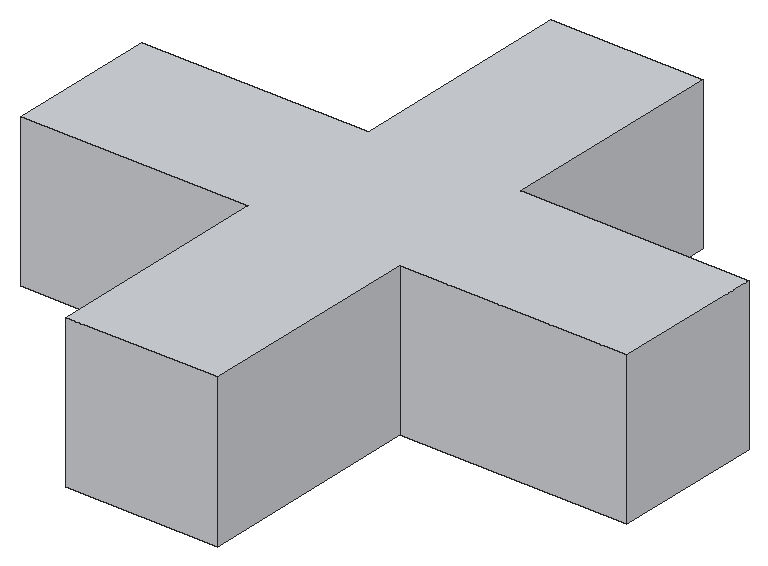
Revit family "墙顶位移", category 常规模型, Revit 2016
Family settings
  零件类型 = 标准
  可将钢筋附着到主体 = 否
  圆形连接件大小 = 使用直径
  基于工作平面 = 否
  总是垂直 = 是
  加载时剪切的空心 = 否
  共享 = 否
  房间计算点 = 否
Parameters
  高度 = 100 mm
  边长 = 400 mm
  监测数据 [instance] = ""
  测点编号 [instance] = "QD01"
  厚度 = 50 mm
Reference planes
  plane 1 "中心(前/后)": y = 0
  plane 2: z = 0
  plane 3 "中心(左/右)": x = 0
Forms (mm)
  Extrusion 1, solid
    sketch origin (0, 0, 0) x (1, 0, 0) y (0, 1, 0)
      loop
        line (-50, 50) -> (-200, 50) -> (-200, -50) -> (-50, -50) -> (-50, -200) -> (50, -200) -> (50, -50) -> (200, -50) -> (200, 50) -> (50, 50) -> (50, 200) -> (-50, 200) -> (-50, 50)
    from 0 to 100
Dimensions and locks
  "高度": Extrusion 1 to Extrusion 1
  equal spacing: Extrusion 1 sketch curve, plane 3 "中心(左/右)", Extrusion 1 sketch curve  (x3)
  "边长": Extrusion 1 sketch curve to Extrusion 1 sketch curve  (x2)
  "厚度": plane 1 "中心(前/后)" to Extrusion 1 sketch curve  (x2)
  "厚度": plane 3 "中心(左/右)" to Extrusion 1 sketch curve  (x2)
  equal spacing: Extrusion 1 sketch curve, plane 1 "中心(前/后)", Extrusion 1 sketch curve  (x3)
  aligned and locked: level to plane 2
  aligned and locked: Extrusion 1 to level
